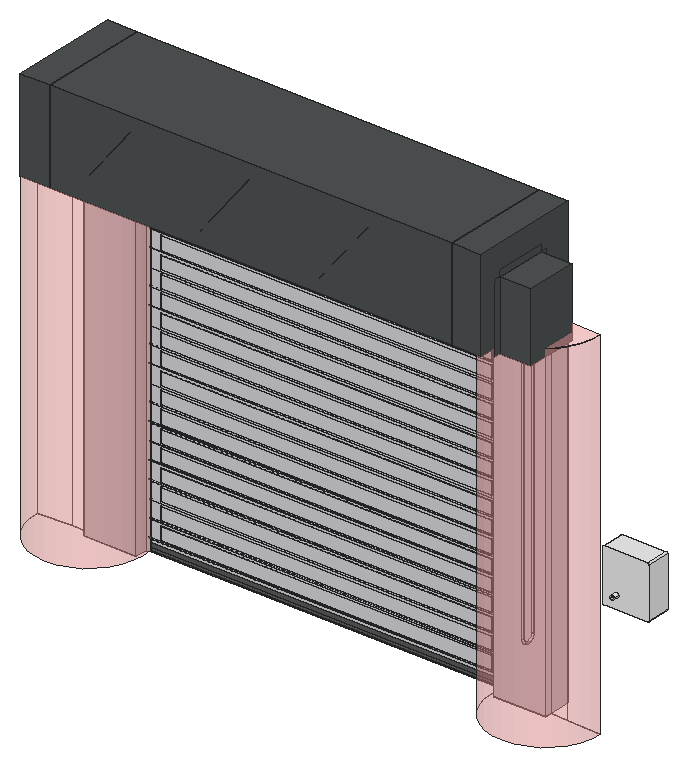
Revit family "Doors_Industrial_Wayne-Dalton_Exterior-Full-View-High-Speed-Metal-Doors-Model-889-ADV-Xtreme_new", category Specialty Equipment, host Wall, Revit 2019
Family settings
  Host = Wall
  Round Connector Dimension = Use Diameter
  Part Type = Normal
  OmniClass Number = 23.30.10.21.34
  OmniClass Title = Industrial Doors
  Always vertical = Yes
  Cut with Voids When Loaded = No
  Shared = No
  Room Calculation Point = No
Parameters (values of type "230 volts, three phase, 60 Hz (208-245V range)")
  True Width [instance] = [Door Width (Real)]  # 10' - 0"
  True Height [instance] = [Door Height (Real)]  # 10' - 0"
  Slat Type [instance] = if(or(Slat Option < 1, Slat Option = 1), "Perforated Aluminum Slats", "Polycarbonate Panels")  # "Perforated Aluminum Slats"
  Slat Option [instance] = 1
  Slat Material = Metal - Wayne Dalton - Silver
  Slat Height = 0' - 5 13/16"  # constant formula
  Real Width [instance] = roundup([Door Width (Real)] / 1' 0")  # 10
  Product Page URL = "https://www.wayne-dalton.com/high-speed-metal-door-889"
  Powder Coat (Note) = "Approximately 200 optional RAL powder coat colors are also available."  # constant formula
  Number of Slats [instance] = roundup(([Door Height (Real)] - [Bottom Rail (Width)]) / Slat Height)  # 20
  Motor Cover [instance] = yes
  Lookup Table = "Door Limits"  # constant formula
  Hood Option [instance] = yes
  Hood Material = Metal - Wayne Dalton - Black
  Headroom Height [instance] = if(or(Header Option < 1, Header Option = 1), 2' 8", 3' 2")  # 2' - 8"
  Header Type [instance] = if(or(Header Option < 1, Header Option = 1), "Standard Header", "Large Header")  # "Standard Header"
  Header Option [instance] = if(or(True Height < 15' 0", True Height = 15' 0"), 1, 2)  # 1
  Guide Type [instance] = if(or(Guide Option < 1, Guide Option = 1), "Wide Guide - Non-Insulated", "Slim Guide - Non-Insulated")  # "Wide Guide - Non-Insulated"
  Guide Option [instance] = 1
  External Transformer = no
  Door Width (Real) [instance] = if(Door Width > Max Door Width, Max Door Width, if(Door Width < Min Door Width, Min Door Width, Door Width))  # 10' - 0"
  Door Height (Real) [instance] = if(Door Height > Max Door Height, Max Door Height, if(Door Height < Min Door Height, Min Door Height, Door Height))  # 10' - 0"
  Rough Width [instance] = [Door Width (Real)]  # 10' - 0"
  Rough Height [instance] = [Door Height (Real)] - 0' 1 1/4"  # 9' - 10 3/4"
  Opening Width [instance] = Rough Width  # 10' - 0"
  Opening Height [instance] = Rough Height  # 9' - 10 3/4"
  Voltage = 230 V
  URL = "https://www.wayne-dalton.com/"
  Product data url = "https://www.bimobject.com/wayne-dalton/product/high-speed-metal-door-889-ADV-Xtreme"
  Product Guid = "318edc16-91be-4919-865a-1b1574896b62"
  Power Factor = 1
  Number of Poles = 3
  Model = "889"  # constant formula
  Min Door Width [instance] = 4' - 0"  # constant formula
  Min Door Height [instance] = 2' - 0"  # constant formula
  Max Door Width [instance] = 20' - 0"  # constant formula
  Max Door Height [instance] = if(and(Slat Option > 1, Guide Option < 2), size_lookup(Lookup Table, "A", 21' 0", Real Width), if(and(Slat Option > 1, Guide Option > 1), size_lookup(Lookup Table, "B", 21' 0", Real Width), if(and(Slat Option < 2, Guide Option < 2), size_lookup(Lookup Table, "C", 21' 0", Real Width), size_lookup(Lookup Table, "D", 21' 0", Real Width))))  # 21' - 0"
  Manufacturer = "Wayne Dalton"  # constant formula
  Frequency = 60 Hz  # constant formula
  Wall Closure = By host
  Floor To (CL) of Shaft [instance] = if(or(Header Option < 1, Header Option = 1), Opening Height + 1' 4", Opening Height + 1' 7 161/256")  # 11' - 2 3/4"
  Dimensions Limit (Note) [instance] = "Maximum Height dependant on Width input, see specifications for further detail"  # constant formula
  Connector Description = "Rapidflex Large Control Panel"  # constant formula
  Finish Material = Metal - Wayne Dalton - Silver
  Door Width [instance] = 10' - 0"
  Door Height [instance] = 10' - 0"
  Description = "High speed metal doors with visibility and durability, Model 889 ADV-Xtreme is ideal for applications where aesthetics and visibility are a priority. Constructed with a fully assembled curtain, this door is easy to install and maintain.‬‬‬ Model 889 ADV-Xtreme also features a patent-pending helical-designed steel headplate that helps prevent metal curtain contact and provides smooth operation. A patent-pending curtain monitoring device ensures the door has a redundant system to monitor the position of the door."  # constant formula
  Current = 20 A
  Clearance [instance] = yes
  Center Stiles [instance] = if(or(True Width < 12' 6", True Width = 12' 6"), 1 = 2, 1 = 1)  # no
  Bottom Rail (Width) = 0' - 9 3/8"  # constant formula
  Backroom Depth [instance] = if(or(Header Option < 1, Header Option = 1), 3' 0 1/2", 3' 6 1/2")  # 3' - 0 1/2"
  Apparent Load Phase 3 = if(Number of Poles = 1, 0 VA, (Voltage * Current * sqrt(3)) / 3)  # 2655.81 VA
  Apparent Load Phase 2 = if(Number of Poles = 1, 0 VA, (Voltage * Current * sqrt(3)) / 3)  # 2655.81 VA
  Apparent Load Phase 1 = if(Number of Poles = 1, Voltage * Current, (Voltage * Current * sqrt(3)) / 3)  # 2655.81 VA
  Actual Number of Slats [instance] = roundup(([Door Height (Real)] - [Bottom Rail (Width)]) / Slat Height + 1)  # 21
Reference planes (in)
  plane 1 "Center (Front/Back)": y = 0
  plane 2 "Center (Left/Right)": x = 0
  plane 3 "Left": x = -60
  plane 4 "Right": x = 60
  plane 5 "Top": z = 120
  plane 6 "Exterior": y = 3
  plane 7 "Interior": y = -3
  plane 8: x = 60
  plane 9: x = -60
  plane 10: z = 118.75
  plane 11: z = 150.75
  plane 12 "Main": y = -7.11719
  plane 13: y = -39.5
  plane 14 "Bottom Rail": z = 9.375
  plane 15 "Main Door Block": y = -3
  plane 16: z = 47.47
  plane 17: z = 2.5
  plane 18: y = -7.61719
  plane 19: y = -6.61719
  plane 20 "1st Bottom Slat": z = 2.5
  plane 21: z = 79.125
  plane 22: z = 15.1875
  plane 23: z = 3.5625
  plane 24: x = -20
  plane 25: x = 20
  plane 26: x = -60
  plane 27: x = 60
Forms (in)
  Extrusion 1, solid, material "Plastic - Wayne Dalton - Nylon"
    sketch origin (0, 0, 0) x (0, 1, 0) y (0, 0, 1)
      loop
        line (-7.61719, 2.5) -> (-7.61719, 1.064) -> (-7.73131, 0.25198) -> (-7.93536, 0) -> (-6.29902, 0) -> (-6.50307, 0.25198) -> (-6.61719, 1.064) -> (-6.61719, 2.5) -> (-7.61719, 2.5)
    from -60 to 60
  Extrusion 2, solid, material "Metal - Wayne Dalton - Clear", visible <- "Center Stiles"
    sketch origin (0, -7.11719, 0) x (0, 0, -1) y (-1, 0, 0)
      loop
        line (-2.5, 21) -> (-120, 21) -> (-120, 19) -> (-2.5, 19) -> (-2.5, 21)
      loop
        line (-2.5, -19) -> (-120, -19) -> (-120, -21) -> (-2.5, -21) -> (-2.5, -19)
    from -0.692 to 0.68698
Lines and regions (in)
  Opening 1
    outline origin (-90, -3, 0) x (1, 0, 0) y (0, 0, 1)
      loop
        line (30, 0) -> (150, 0) -> (150, 118.75) -> (30, 118.75) -> (30, 0)
Text (in)
  text "Exterior" at (-74.96733, 27.31104, 0), in view "Ref. Level"
  text "Interior" at (-74.96733, -25.14366, 0), in view "Ref. Level"
  text "Exterior" at (0, 40.15149, 123.01588), in view "Right"
  text "Interior" at (0, -64.39139, 123.01588), in view "Right"
  text "Interior" at (0, -31.01599, 123.00693), in view "Left"
  text "Exterior" at (0, 54.57065, 123.00693), in view "Left"
Dimensions and locks (in)
  equal spacing: plane 3 "Left", plane 2 "Center (Left/Right)", plane 4 "Right"
  "Door Height (Real)": level to plane 5 "Top"
  "Door Width (Real)": plane 3 "Left" to plane 4 "Right"
  host wall to plane 5 "Top" = 10' - 0"
  level to host wall = 38' - 3.59655"
  "Rough Height": level to plane 10
  equal spacing: plane 9, plane 2 "Center (Left/Right)", plane 8
  "Rough Width": plane 8 to plane 9
  "Headroom Height": plane 10 to plane 11
  "Backroom Depth": plane 7 "Interior" to plane 13
  "Bottom Rail (Width)": plane 14 "Bottom Rail" to level
  plane 10 to level = 9' - 10 3/4"
  locked: plane 15 "Main Door Block" to plane 12 "Main" at 4.11719
  plane 1 "Center (Front/Back)" to plane 7 "Interior" = 0' - 3"
  equal spacing: plane 18, plane 12 "Main", plane 19
  locked: plane 18 to plane 19 at 1
  locked: Extrusion 1 sketch curve to Extrusion 1 sketch curve at 0.82  (x2)
  locked: plane 17 to Extrusion 1 sketch curve at 1.436  (x2)
  locked: plane 20 "1st Bottom Slat" to level at 2.5
  "Slat Height": plane 22 to plane 14 "Bottom Rail"
  locked: plane 23 to level at 3.5625
  plane 20 "1st Bottom Slat" to plane 23 = 0' - 1 1/16"
  equal spacing: group 1, group 2, group 3, group 4, group 5, group 6, group 7, group 8, group 9, group 10, group 11, group 12, group 13, group 14, group 15, group 16, group 17, group 18, group 19, group 20  (x3)
  locked: Extrusion 2 sketch curve to Extrusion 2 sketch curve at 2  (x2)
  equal spacing: Extrusion 2 sketch curve, plane 24, Extrusion 2 sketch curve
  equal spacing: Extrusion 2 sketch curve, plane 25, Extrusion 2 sketch curve
  equal spacing: plane 26, plane 24, plane 25, plane 27
  locked: Extrusion 1 sketch curve to Extrusion 1 sketch curve (angle 172.00°)  (x2)
  locked: Extrusion 1 sketch curve to Extrusion 1 sketch curve (angle 149.00°)  (x2)
  aligned and locked: Opening 1 sketch curve to level
  aligned and locked: plane 6 "Exterior" to host wall
  aligned and locked: host wall to plane 7 "Interior"
  aligned and locked: plane 9 to Opening 1 sketch curve
  aligned and locked: plane 8 to Opening 1 sketch curve
  aligned and locked: Opening 1 sketch curve to plane 10
  aligned and locked: Extrusion 1 to plane 4 "Right"
  aligned and locked: plane 3 "Left" to Extrusion 1
  aligned and locked: nested 1 to plane 7 "Interior"
  aligned and locked: nested 1 to plane 2 "Center (Left/Right)"
  aligned and locked: level to nested 1
  aligned and locked: plane 15 "Main Door Block" to plane 7 "Interior"
  aligned and locked: plane 17 to Extrusion 1 sketch curve
  aligned and locked: plane 18 to Extrusion 1 sketch curve
  aligned and locked: plane 19 to Extrusion 1 sketch curve
  aligned and locked: Extrusion 1 sketch curve to level
  aligned and locked: plane 12 "Main" to nested 2
  aligned and locked: nested 3 to plane 23
  aligned and locked: nested 3 to plane 12 "Main"
  aligned and locked: nested 2 to plane 14 "Bottom Rail"
  aligned and locked: nested 4 to plane 22
  aligned and locked: plane 5 "Top" to Extrusion 2 sketch curve
  aligned and locked: plane 20 "1st Bottom Slat" to Extrusion 2 sketch curve
  aligned and locked: plane 26 to plane 9
  aligned and locked: plane 27 to plane 8
  aligned and locked: plane 12 "Main" to nested 22
Automatic sketch dimensions
  Extrusion 2 sketch curve to plane 5 "Top" = 0' - 0"
  Extrusion 2 sketch curve to plane 20 "1st Bottom Slat" = 0' - 0"
Nested families (in)
  nested 1: "Lifts" at (0, -3, 0) x (-1, 0, 0) z (0, 0, 1), Header Option <- "Header Option", Guid Option <- "Guide Option", Header Height <- "Headroom Height", Header Width <- "Backroom Depth", Motor Cover <- "Motor Cover", type "Frame Unit"
    with Spool Radius 1' - 2", Right Motor Position yes, Motor Cover Off no, Motor Cover yes, Masking Region Right Motor no, Header Width 3' - 0 1/2", Header Option 1, Header Height 2' - 8", Guid Width 1' - 5 1/4", Guid Option 1, Floor To (CL) of Shaft 11' - 2 3/4", Electric Operator Position 17' - 1 1/2", Clearance (Wide Guid) yes, Clearance (Slim Guid) no, CL Shaft Offset 1' - 0"
  nested 2: "Slat" at (0, -7.11719, 15.1875) x (1, 0, 0) z (0, 0, -1), Slat Option <- "Slat Option", type "Slat"
    with Standard Slat Bottom Rail no, Standard Slat no, Slat Option 1, Polycarbonate Slat Bottom Rail no, Polycarbonate Slat no, Perforated Slat Bottom Rail no, Perforated Slat yes, Bottom Rail no
  nested 3: "Slat" at (0, -7.11719, 3.5625), Slat Option <- "Slat Option", type "Slat"
    with Standard Slat Bottom Rail no, Standard Slat no, Slat Option 1, Polycarbonate Slat Bottom Rail no, Polycarbonate Slat no, Perforated Slat Bottom Rail yes, Perforated Slat yes, Bottom Rail yes
  nested 4: "Slat" at (0, -7.11719, 21) x (1, 0, 0) z (0, 0, -1), Slat Option <- "Slat Option", type "Slat"
    with Standard Slat Bottom Rail no, Standard Slat no, Slat Option 1, Polycarbonate Slat Bottom Rail no, Polycarbonate Slat no, Perforated Slat Bottom Rail no, Perforated Slat yes, Bottom Rail no
  nested 5: "Slat" at (0, -7.11719, 26.8125) x (1, 0, 0) z (0, 0, -1), Slat Option <- "Slat Option", type "Slat"
    with Standard Slat Bottom Rail no, Standard Slat no, Slat Option 1, Polycarbonate Slat Bottom Rail no, Polycarbonate Slat no, Perforated Slat Bottom Rail no, Perforated Slat yes, Bottom Rail no
  nested 6: "Slat" at (0, -7.11719, 32.625) x (1, 0, 0) z (0, 0, -1), Slat Option <- "Slat Option", type "Slat"
    with Standard Slat Bottom Rail no, Standard Slat no, Slat Option 1, Polycarbonate Slat Bottom Rail no, Polycarbonate Slat no, Perforated Slat Bottom Rail no, Perforated Slat yes, Bottom Rail no
  nested 7: "Slat" at (0, -7.11719, 38.4375) x (1, 0, 0) z (0, 0, -1), Slat Option <- "Slat Option", type "Slat"
    with Standard Slat Bottom Rail no, Standard Slat no, Slat Option 1, Polycarbonate Slat Bottom Rail no, Polycarbonate Slat no, Perforated Slat Bottom Rail no, Perforated Slat yes, Bottom Rail no
  nested 8: "Slat" at (0, -7.11719, 44.25) x (1, 0, 0) z (0, 0, -1), Slat Option <- "Slat Option", type "Slat"
    with Standard Slat Bottom Rail no, Standard Slat no, Slat Option 1, Polycarbonate Slat Bottom Rail no, Polycarbonate Slat no, Perforated Slat Bottom Rail no, Perforated Slat yes, Bottom Rail no
  nested 9: "Slat" at (0, -7.11719, 50.0625) x (1, 0, 0) z (0, 0, -1), Slat Option <- "Slat Option", type "Slat"
    with Standard Slat Bottom Rail no, Standard Slat no, Slat Option 1, Polycarbonate Slat Bottom Rail no, Polycarbonate Slat no, Perforated Slat Bottom Rail no, Perforated Slat yes, Bottom Rail no
  nested 10: "Slat" at (0, -7.11719, 55.875) x (1, 0, 0) z (0, 0, -1), Slat Option <- "Slat Option", type "Slat"
    with Standard Slat Bottom Rail no, Standard Slat no, Slat Option 1, Polycarbonate Slat Bottom Rail no, Polycarbonate Slat no, Perforated Slat Bottom Rail no, Perforated Slat yes, Bottom Rail no
  nested 11: "Slat" at (0, -7.11719, 61.6875) x (1, 0, 0) z (0, 0, -1), Slat Option <- "Slat Option", type "Slat"
    with Standard Slat Bottom Rail no, Standard Slat no, Slat Option 1, Polycarbonate Slat Bottom Rail no, Polycarbonate Slat no, Perforated Slat Bottom Rail no, Perforated Slat yes, Bottom Rail no
  nested 12: "Slat" at (0, -7.11719, 67.5) x (1, 0, 0) z (0, 0, -1), Slat Option <- "Slat Option", type "Slat"
    with Standard Slat Bottom Rail no, Standard Slat no, Slat Option 1, Polycarbonate Slat Bottom Rail no, Polycarbonate Slat no, Perforated Slat Bottom Rail no, Perforated Slat yes, Bottom Rail no
  nested 13: "Slat" at (0, -7.11719, 73.3125) x (1, 0, 0) z (0, 0, -1), Slat Option <- "Slat Option", type "Slat"
    with Standard Slat Bottom Rail no, Standard Slat no, Slat Option 1, Polycarbonate Slat Bottom Rail no, Polycarbonate Slat no, Perforated Slat Bottom Rail no, Perforated Slat yes, Bottom Rail no
  nested 14: "Slat" at (0, -7.11719, 79.125) x (1, 0, 0) z (0, 0, -1), Slat Option <- "Slat Option", type "Slat"
    with Standard Slat Bottom Rail no, Standard Slat no, Slat Option 1, Polycarbonate Slat Bottom Rail no, Polycarbonate Slat no, Perforated Slat Bottom Rail no, Perforated Slat yes, Bottom Rail no
  nested 15: "Slat" at (0, -7.11719, 84.9375) x (1, 0, 0) z (0, 0, -1), Slat Option <- "Slat Option", type "Slat"
    with Standard Slat Bottom Rail no, Standard Slat no, Slat Option 1, Polycarbonate Slat Bottom Rail no, Polycarbonate Slat no, Perforated Slat Bottom Rail no, Perforated Slat yes, Bottom Rail no
  nested 16: "Slat" at (0, -7.11719, 90.75) x (1, 0, 0) z (0, 0, -1), Slat Option <- "Slat Option", type "Slat"
    with Standard Slat Bottom Rail no, Standard Slat no, Slat Option 1, Polycarbonate Slat Bottom Rail no, Polycarbonate Slat no, Perforated Slat Bottom Rail no, Perforated Slat yes, Bottom Rail no
  nested 17: "Slat" at (0, -7.11719, 96.5625) x (1, 0, 0) z (0, 0, -1), Slat Option <- "Slat Option", type "Slat"
    with Standard Slat Bottom Rail no, Standard Slat no, Slat Option 1, Polycarbonate Slat Bottom Rail no, Polycarbonate Slat no, Perforated Slat Bottom Rail no, Perforated Slat yes, Bottom Rail no
  nested 18: "Slat" at (0, -7.11719, 102.375) x (1, 0, 0) z (0, 0, -1), Slat Option <- "Slat Option", type "Slat"
    with Standard Slat Bottom Rail no, Standard Slat no, Slat Option 1, Polycarbonate Slat Bottom Rail no, Polycarbonate Slat no, Perforated Slat Bottom Rail no, Perforated Slat yes, Bottom Rail no
  nested 19: "Slat" at (0, -7.11719, 108.1875) x (1, 0, 0) z (0, 0, -1), Slat Option <- "Slat Option", type "Slat"
    with Standard Slat Bottom Rail no, Standard Slat no, Slat Option 1, Polycarbonate Slat Bottom Rail no, Polycarbonate Slat no, Perforated Slat Bottom Rail no, Perforated Slat yes, Bottom Rail no
  nested 20: "Slat" at (0, -7.11719, 114) x (1, 0, 0) z (0, 0, -1), Slat Option <- "Slat Option", type "Slat"
    with Standard Slat Bottom Rail no, Standard Slat no, Slat Option 1, Polycarbonate Slat Bottom Rail no, Polycarbonate Slat no, Perforated Slat Bottom Rail no, Perforated Slat yes, Bottom Rail no
  nested 21: "Slat" at (0, -7.11719, 119.8125) x (1, 0, 0) z (0, 0, -1), Slat Option <- "Slat Option", type "Slat"
    with Standard Slat Bottom Rail no, Standard Slat no, Slat Option 1, Polycarbonate Slat Bottom Rail no, Polycarbonate Slat no, Perforated Slat Bottom Rail no, Perforated Slat yes, Bottom Rail no
  nested 22: "Slat" at (0, -7.11719, 125.625) x (1, 0, 0) z (0, 0, -1), Slat Option <- "Slat Option", type "Slat"
    with Standard Slat Bottom Rail no, Standard Slat no, Slat Option 1, Polycarbonate Slat Bottom Rail no, Polycarbonate Slat no, Perforated Slat Bottom Rail no, Perforated Slat yes, Bottom Rail no
Connectors (in)
  electrical at (102.74935, -10.54, 48), driven by "Number of Poles", driven by "Voltage", driven by "Power Factor", driven by "Connector Description", driven by "Apparent Load Phase 1", driven by "Apparent Load Phase 2", driven by "Apparent Load Phase 3"
    settings: on nested 1, index 1, voltage 230 V, apparent load 0 VA, apparent load phase1 2655.81 VA, apparent load phase2 2655.81 VA, apparent load phase3 2655.81 VA, power factor 1, load classification "Other", number of poles 3, system type 31, power factor state 1, is connector primary yes, connector utility no, sub classification motor no, connector description "Rapidflex Large Control Panel"
Definition of nested family "Lifts"
  Parameters (values of type "Frame Unit")
    Spool Radius [instance] = if(or(Header Option < 1, Header Option = 1), 1' 2", 1' 5.7")  # 1' - 5.7"
    Shaft Material = none
    Right Motor Position [instance] = yes
    Opening Width = 10' - 0"
    Naked Header = not(Hood Option)  # no
    Motor Cover Off [instance] = not(Motor Cover)  # no
    Motor Cover [instance] = yes
    Masking Region Right Motor [instance] = if(and(Right Motor Position, Motor Cover Off), 1 = 1, 1 = 2)  # no
    Hood Option = yes
    Hood Material = none
    Header Width [instance] = 3' - 6 1/2"
    Header Option [instance] = 2
    Header Height [instance] = 3' - 2"
    Guid Width [instance] = if(Guid Option > 1, 1' 0.63", 1' 5 1/4")  # 1' - 5 1/4"
    Guid Option [instance] = 1
    External Transformer = no
    Electric Operator Position [instance] = if(Right Motor Position, (3' 6 3/4" * 2 + Opening Width), 0' 0")  # 17' - 1 1/2"
    Clearance (Wide Guid) [instance] = if(and(Clearance, Guid Option < 2), 1 < 2, 1 > 2)  # yes
    Clearance (Slim Guid) [instance] = if(and(Clearance, Guid Option > 1), 1 < 2, 1 > 2)  # no
    Clearance = yes
    Opening Height = 9' - 10 3/4"
    Floor To (CL) of Shaft [instance] = if(or(Header Option < 1, Header Option = 1), Opening Height + 1' 4", Opening Height + 1' 7.63")  # 11' - 6.38"
    Finish Material = none
    CL Shaft Offset [instance] = if(or(Header Option < 1, Header Option = 1), 1' 0", 1' 4.53")  # 1' - 4.53"
    Analytic Construction = "<None>"
  Reference planes (in)
    plane 1 "Center (Front/Back)": y = 0
    plane 2: z = 0
    plane 3 "Center (Left/Right)": x = 0
    plane 4 "Left": x = -60
    plane 5 "Right": x = 60
    plane 6 "Center Line of Shaft": z = 138.38
    plane 7 "Headroom Top": z = 156.75
    plane 8 "Opening Height": z = 118.75
    plane 9: x = -87.5
    plane 10 "Shaft": x = -75.54413
    plane 11 "Box": x = -102.74935
    plane 12 "EBOX": z = 48
    plane 13: z = 39.09375
    plane 14: z = 56.90625
    plane 15: z = 43.5
    plane 16: y = 16.53
    plane 17: y = 7.54
    plane 18: x = 72.81
    plane 19: y = 2.73
    plane 20: y = 5.5094
    plane 21: y = 7.25
    plane 22: z = 120
    plane 23: x = -72.81
    plane 24: x = -40
    plane 25: x = -20
    plane 26: x = 0
    plane 27: z = 122.5
    plane 28: z = 154.25
    plane 29: x = 20
    plane 30: x = 40
    plane 31: y = 42.5
    plane 32: x = 87.5
    plane 33: y = 7.28
    plane 34: x = -77.68
    plane 35: x = 77.68
    plane 36: x = 77.25
    plane 37: x = -77.25
    plane 38: x = -94.99935
    plane 39: x = -110.49935
    plane 40 "Center L/MM": x = 75.54413
    plane 41 "Center L/NN": x = 102.75065
  Forms (in)
    Extrusion 1, solid, material <- "Shaft Material"
      sketch origin (0, 0, 0) x (0, 1, 0) y (0, 0, 1)
        loop
          circle (21.25, 138.38) r 0.78
      from -87.5 to 87.5
    Extrusion 2, solid, material <- "Hood Material"
      sketch origin (60, 0, 0) x (0, -1, 0) y (0, 0, 1)
        loop
          circle (-21.25, 138.38) r 17.7
      from -6.97 to -16.504
    Extrusion 3, solid, material <- "Shaft Material"
      sketch origin (0, 0, 138.38) x (-1, 0, 0) y (0, -1, 0)
        loop
          line (-76.504, -16.61) -> (-76.745, -16.61) -> (-76.745, -23.86) -> (-76.504, -23.86) -> (-76.504, -16.61)
        loop
          line (76.504, -16.61) -> (76.504, -23.86) -> (76.745, -23.86) -> (76.745, -16.61) -> (76.504, -16.61)
      from 5.62 to -3
    Extrusion 4, solid
      sketch origin (-1.95651, 0, 0) x (1, 0, 0) y (0, 0, 1)
        loop
          line (-93.54284, 56.90625) -> (-108.04284, 56.90625)
          arc (-108.04284, 56.90625) -> (-108.39639, 56.7598) -> (-108.54284, 56.40625) r 0.5
          line (-108.54284, 56.40625) -> (-108.54284, 39.59375)
          arc (-108.54284, 39.59375) -> (-108.39639, 39.2402) -> (-108.04284, 39.09375) r 0.5
          line (-108.04284, 39.09375) -> (-93.54284, 39.09375)
          arc (-93.54284, 39.09375) -> (-93.18929, 39.2402) -> (-93.04284, 39.59375) r 0.5
          line (-93.04284, 39.59375) -> (-93.04284, 56.40625)
          arc (-93.04284, 56.40625) -> (-93.18929, 56.7598) -> (-93.54284, 56.90625) r 0.5
      from -7.54 to 0
    Revolve 5, solid, visible <- "Right Motor Position"
      sketch origin (-55.03203, -180, 43.5) x (-1, 0, 0) y (0, -1, 0)
        loop
          line (44.35732, -187.54) -> (43.60732, -187.54) -> (43.75732, -189.312) -> (44.35732, -189.312) -> (44.35732, -187.54)
        axis (44.35732, -187.54) -> (44.35732, -189.312)
      angle from 0 to 360
    Extrusion 6, solid, material <- "Finish Material"
      sketch origin (0, 0, 0) x (1, 0, 0) y (0, 1, 0)
        loop
          line (60, 0) -> (77.25, 0) -> (77.25, 9.5) -> (60, 9.5) -> (60, 5.5094) -> (59, 4.80919) -> (59, 3.43021) -> (60, 2.73) -> (60, 0)
        loop
          line (-77.25, 0) -> (-60, 0) -> (-60, 2.73) -> (-59, 3.43021) -> (-59, 4.80919) -> (-60, 5.5094) -> (-60, 9.5) -> (-77.25, 9.5) -> (-77.25, 0)
      from 0 to 120
    Extrusion 7, solid, visible <- "Clearance (Slim Guid)"
      sketch origin (0, 0, 0) x (1, 0, 0) y (0, 1, 0)
        loop
          line (59.00502, 4.81271) -> (60, 5.5094) -> (60, 9.5) -> (72.625, 9.5) -> (72.625, 7.25) -> (72.86879, 7.25) -> (85.75065, 7.92511)
          arc (85.75065, 7.92511) -> (70.70003, 20.78662) -> (59.00502, 4.81271) r 13.50118
        loop
          arc (-59.00502, 4.81271) -> (-70.69873, 20.79785) -> (-85.75065, 7.92511) r 13.50197
          line (-85.75065, 7.92511) -> (-72.86879, 7.25) -> (-72.625, 7.25) -> (-72.625, 9.5) -> (-60, 9.5) -> (-60, 5.5094) -> (-59.00502, 4.81271)
      from 0 to 120
    Extrusion 8, solid, material <- "Hood Material", visible <- "Hood Option"
      sketch origin (0, 0, 0) x (0, 1, 0) y (0, 0, 1)
        loop
          line (0, 120) -> (42.5, 120) -> (42.5, 156.75) -> (0, 156.75) -> (0, 120)
      from -67.475 to 67.475
    Sweep 9, solid, material <- "Hood Material"
      path origin (0, 0, 0) x (0, 1, 0) y (0, 0, 1)
        loop
          line (0, 120) -> (42.5, 120) -> (42.5, 156.75) -> (0, 156.75) -> (0, 120)
      profile origin (0, 0, 138.375) x (0, -1, 0) y (1, 0, 0)
        loop
          line (0, 67.475) -> (0, 77.25) -> (-0.5, 77.25) -> (-0.5, 67.475) -> (0, 67.475)
        loop
          line (0, -67.475) -> (-0.5, -67.475) -> (-0.5, -77.25) -> (0, -77.25) -> (0, -67.475)
    Extrusion 10, solid, material <- "Hood Material"
      sketch origin (0, 0, 0) x (1, 0, 0) y (0, 1, 0)
        loop
          line (77.25, 0) -> (77.25, 42.5) -> (76.745, 42.5) -> (76.745, 0) -> (77.25, 0)
        loop
          line (-77.25, 0) -> (-76.745, 0) -> (-76.745, 42.5) -> (-77.25, 42.5) -> (-77.25, 0)
      from 120 to 156.75
    Extrusion 11, solid, material <- "Hood Material"
      sketch origin (0, 0, 0) x (0, 1, 0) y (0, 0, 1)
        loop
          line (0.5, 120.5) -> (2.5, 120.5) -> (2.5, 124.5) -> (0.5, 124.5) -> (0.5, 120.5)
        loop
          line (0.5, 156.25) -> (0.5, 152.25) -> (2.5, 152.25) -> (2.5, 156.25) -> (0.5, 156.25)
        loop
          line (42, 156.25) -> (40, 156.25) -> (40, 152.25) -> (42, 152.25) -> (42, 156.25)
        loop
          line (42, 120.5) -> (42, 124.5) -> (40, 124.5) -> (40, 120.5) -> (42, 120.5)
      from -76.745 to 76.745
    Sweep 12, solid, material <- "Hood Material"
      path origin (0, 0, 0) x (1, 0, 0) y (0, 0, 1)
        loop
          line (-60, 121.5) -> (-60, 122.5) -> (-40, 154.25) -> (-20, 122.5) -> (0, 154.25) -> (20, 122.5) -> (40, 154.25) -> (60, 122.5) -> (60, 121.5)
      profile origin (-60, 0, 122) x (-1, 0, 0) y (0, -1, 0)
        loop
          line (1, -0.5) -> (-1, -0.5) -> (-1, -2.5) -> (1, -2.5) -> (1, -0.5)
        loop
          line (1, -40) -> (-1, -40) -> (-1, -42) -> (1, -42) -> (1, -40)
    Extrusion 13, void
      sketch origin (0, 0, 0) x (1, 0, 0) y (0, 0, 1)
        loop
          line (-78.35432, 152.25) -> (80.245, 152.25) -> (80.245, 186.25) -> (-78.35432, 186.25) -> (-78.35432, 152.25)
        loop
          line (80.245, 105.5) -> (80.245, 124.5) -> (-78.35432, 124.5) -> (-78.35432, 105.5) -> (80.245, 105.5)
      from 0 to -42.5
    Extrusion 14, solid, visible <- "Clearance (Wide Guid)"
      sketch origin (0, 0.03, 0) x (1, 0, 0) y (0, 1, 0)
        loop
          arc (-59, 4.77919) -> (-74.94522, 26.56962) -> (-94.4, 7.84572) r 17.92829
          line (-94.4, 7.84572) -> (-83.03307, 7.25) -> (-77.495, 7.25) -> (-77.495, 9.5) -> (-60, 9.5) -> (-60, 5.4794) -> (-59, 4.77919)
        loop
          line (59, 4.77919) -> (60, 5.4794) -> (60, 9.5) -> (77.495, 9.5) -> (77.495, 7.25) -> (83.03307, 7.25) -> (94.4, 7.84572)
          arc (94.4, 7.84572) -> (74.94522, 26.56962) -> (59, 4.77919) r 17.92829
      from 0 to 120
    Extrusion 15, solid, material <- "Hood Material"
      sketch origin (-60, -60, 48) x (0, -1, 0) y (0, 0, 1)
        loop
          circle (-81.25, 90.38) r 17.7
      from 6.97 to 16.504
    Extrusion 16, solid, visible <- "External Transformer"
      sketch origin (0, 0, 48) x (1, 0, 0) y (0, 1, 0)
        loop
          line (-109.62435, 0) -> (-95.87435, 0) -> (-95.87435, 0.125) -> (-98.24935, 0.125) -> (-98.24935, 9.3125) -> (-107.24935, 9.3125) -> (-107.24935, 0.125) -> (-109.62435, 0.125) -> (-109.62435, 0)
      from -19.13 to -10
  Cuts and joins
    joined: Sweep 9, Extrusion 10
    Extrusion 13 cuts Sweep 12
  Lines and regions (in)
    Masking region 1
      outline origin (0, 0, 0) x (1, 0, 0) y (0, 1, 0)
        loop
          line (-110.49935, 0) -> (-94.99935, 0) -> (-94.99935, 7.54) -> (-110.49935, 7.54) -> (-110.49935, 0)
    Masking region 2, visible <- "Right Motor Position"
      outline origin (0, 0, 0) x (1, 0, 0) y (0, 1, 0)
        loop
          line (-98.63935, 7.54) -> (-98.78935, 9.312) -> (-99.98935, 9.312) -> (-100.13935, 7.54) -> (-98.63935, 7.54)
    Masking region 3, visible <- "Naked Header"
      outline origin (0, 0, 0) x (1, 0, 0) y (0, 1, 0)
        loop
          line (-77.25, 42.5) -> (-77.25, 0) -> (-67.475, 0) -> (-67.475, 3.55) -> (-66.97, 3.55) -> (-66.97, 38.95) -> (-67.475, 38.95) -> (-67.475, 42.5) -> (-77.25, 42.5)
        loop
          line (67.475, 42.5) -> (67.475, 38.95) -> (66.97, 38.95) -> (66.97, 3.55) -> (67.475, 3.55) -> (67.475, 0) -> (77.25, 0) -> (77.25, 42.5) -> (67.475, 42.5)
    Masking region 4, visible <- "Naked Header"
      outline origin (0, 0, 0) x (1, 0, 0) y (0, 1, 0)
        loop
          line (67.475, 2.5) -> (-67.475, 2.5) -> (-67.475, 0.5) -> (67.475, 0.5) -> (67.475, 2.5)
        loop
          line (-66.97, 22.03) -> (-66.97, 20.47) -> (66.97, 20.47) -> (66.97, 22.03) -> (-66.97, 22.03)
        loop
          line (-67.475, 40) -> (67.475, 40) -> (67.475, 42) -> (-67.475, 42) -> (-67.475, 40)
    Masking region 5, visible <- "Naked Header"
      outline origin (0, 0, 0) x (1, 0, 0) y (0, 1, 0)
        loop
          line (-77.25, 9.5) -> (-77.25, 0) -> (-60, 0) -> (-60, 2.73) -> (-59, 3.43021) -> (-59, 4.80919) -> (-60, 5.5094) -> (-60, 9.5) -> (-77.25, 9.5)
        loop
          line (60, 0) -> (77.25, 0) -> (77.25, 9.5) -> (60, 9.5) -> (60, 5.5094) -> (59, 4.80919) -> (59, 3.43021) -> (60, 2.73) -> (60, 0)
    Masking region 6, visible <- "Hood Option"
      outline origin (0, 0, 0) x (1, 0, 0) y (0, 1, 0)
        loop
          line (77.25, 42.5) -> (-77.25, 42.5) -> (-77.25, 0) -> (77.25, 0) -> (77.25, 42.5)
    Masking region 7, visible <- "Naked Header"
      outline origin (0, 0, 0) x (1, 0, 0) y (0, 1, 0)
        loop
          line (-59.1721, 4.9297) -> (-59, 4.80919) -> (-59, 3.43021) -> (-59.1721, 3.3097) -> (59.1721, 3.3097) -> (59, 3.43021) -> (59, 4.80919) -> (59.1721, 4.9297) -> (-59.1721, 4.9297)
    Masking region 8, visible <- "Masking Region Right Motor"
      outline origin (0, 0, 0) x (1, 0, 0) y (0, 1, 0)
        loop
          line (-77.25, 22.03) -> (-79.18006, 22.03) -> (-79.18006, 21.92998) -> (-80.41413, 21.92998) -> (-80.41413, 22.03) -> (-81.009, 22.03) -> (-81.009, 21.43043) -> (-80.479, 21.43043) -> (-80.479, 20.47) -> (-77.25, 20.47) -> (-77.25, 22.03)
        loop
          line (-87.5, 22.03) -> (-87.5, 20.47) -> (-85.479, 20.47) -> (-85.479, 21.43043) -> (-84.949, 21.43043) -> (-84.949, 22.03) -> (-87.5, 22.03)
    Masking region 9, visible <- "Right Motor Position"
      outline origin (0, 0, 0) x (1, 0, 0) y (0, 1, 0)
        loop
          line (87.5, 22.03) -> (77.25, 22.03) -> (77.25, 20.47) -> (87.5, 20.47) -> (87.5, 22.03)
    Masking region 10, visible <- "External Transformer"
      outline origin (0, 0, 0) x (1, 0, 0) y (0, 1, 0)
        loop
          line (-107.24935, 7.54) -> (-98.24935, 7.54) -> (-98.24935, 9.3125) -> (-107.24935, 9.3125) -> (-107.24935, 7.54)
    symbolic lines
      curve 1: line (-67.475, 42.5, 0) -> (-67.475, 0, 0)
      curve 2: line (67.475, 0, 0) -> (67.475, 42.5, 0)
  Dimensions and locks (in)
    equal spacing: plane 4 "Left", plane 3 "Center (Left/Right)", plane 5 "Right"
    "Opening Width": plane 4 "Left" to plane 5 "Right"
    "Header Height": plane 7 "Headroom Top" to plane 8 "Opening Height"
    "Opening Height": plane 8 "Opening Height" to level
    locked: plane 9 to plane 4 "Left" at 27.5
    locked: Extrusion 3 sketch curve to Extrusion 3 sketch curve at 0.241  (x2)
    locked: level to plane 12 "EBOX" at 48
    locked: plane 11 "Box" to Revolve 5 sketch curve at 3.36
    equal spacing: plane 14, plane 12 "EBOX", plane 13
    locked: plane 12 "EBOX" to plane 15 at 4.5
    locked: plane 13 to plane 14 at 17.8125
    locked: plane 10 "Shaft" to plane 4 "Left" at 15.54413
    locked: plane 16 to Extrusion 1 sketch curve at 4.72
    locked: plane 16 to Extrusion 2 sketch curve at 4.72
    locked: plane 16 to Extrusion 3 sketch curve at 0.08  (x2)
    locked: plane 16 to Extrusion 3 sketch curve at 7.33  (x2)
    locked: plane 17 to plane 1 "Center (Front/Back)" at 7.54
    locked: Revolve 5 sketch curve to Revolve 5 sketch curve at 0.6
    locked: Revolve 5 sketch curve to Revolve 5 sketch curve at 0.75
    locked: plane 17 to Revolve 5 sketch curve at 1.772
    "Guid Width": Extrusion 6 sketch curve to plane 4 "Left"
    "Guid Width": plane 5 "Right" to Extrusion 6 sketch curve
    locked: plane 1 "Center (Front/Back)" to plane 19 at 2.73
    locked: plane 1 "Center (Front/Back)" to plane 20 at 5.5094
    locked: Extrusion 6 sketch curve to plane 5 "Right" at 1
    locked: plane 4 "Left" to Extrusion 6 sketch curve at 1
    locked: plane 1 "Center (Front/Back)" to Extrusion 6 sketch curve at 9.5  (x2)
    locked: plane 21 to Extrusion 7 sketch curve at 2.25  (x2)
    locked: plane 1 "Center (Front/Back)" to plane 21 at 7.25
    "Header Width": plane 1 "Center (Front/Back)" to Extrusion 8 sketch curve
    locked: Extrusion 8 to plane 4 "Left" at 7.475
    locked: plane 5 "Right" to Extrusion 8 at 7.475
    locked: plane 22 to plane 8 "Opening Height" at 1.25
    "Header Width": plane 1 "Center (Front/Back)" to Sweep 9 sketch curve
    locked: plane 5 "Right" to Sweep 9 sketch curve at 7.475
    locked: Sweep 9 sketch curve to profile plane at 0.5
    "Header Width": plane 1 "Center (Front/Back)" to Extrusion 10 sketch curve  (x2)
    locked: Extrusion 7 sketch curve to plane 18 at 0.185
    locked: plane 23 to Extrusion 7 sketch curve at 0.185
    locked: Sweep 12 sketch curve to Sweep 12 sketch curve at 1  (x2)
    equal spacing: plane 4 "Left", plane 24, plane 25, plane 26, plane 29, plane 30, plane 5 "Right"
    locked: profile plane to Sweep 12 sketch curve at 1
    locked: profile plane to Sweep 12 sketch curve at 0.5
    locked: profile plane to Sweep 12 sketch curve at 2.5
    locked: plane 4 "Left" to Sweep 12 sketch curve at 1
    locked: plane 7 "Headroom Top" to plane 28 at 2.5
    equal spacing: Sweep 12 sketch curve, plane 4 "Left", Sweep 12 sketch curve
    equal spacing: Sweep 12 sketch curve, profile plane, Sweep 12 sketch curve
    locked: Masking region 3 sketch curve to Masking region 3 sketch curve at 0.505  (x2)
    locked: Masking region 4 sketch curve to plane 4 "Left" at 6.97
    locked: Masking region 4 sketch curve to plane 4 "Left" at 7.475
    locked: plane 5 "Right" to Masking region 4 sketch curve at 7.475
    locked: plane 27 to plane 8 "Opening Height" at 3.75
    locked: plane 7 "Headroom Top" to Extrusion 13 sketch curve at 4.5
    locked: Extrusion 13 sketch curve to plane 8 "Opening Height" at 5.75
    locked: Extrusion 11 to Extrusion 13 sketch curve at 19
    locked: Extrusion 13 sketch curve to Extrusion 11 at 34
    "Header Width": plane 1 "Center (Front/Back)" to plane 31
    locked: Extrusion 11 sketch curve to plane 31 at 2.5
    locked: Extrusion 11 sketch curve to plane 31 at 0.5
    locked: Sweep 12 sketch curve to plane 31 at 2.5
    locked: plane 31 to Sweep 12 sketch curve at 0.5
    "Floor To (CL) of Shaft": plane 6 "Center Line of Shaft" to level
    "CL Shaft Offset": plane 1 "Center (Front/Back)" to plane 16
    locked: plane 5 "Right" to plane 32 at 27.5
    locked: plane 33 to Extrusion 14 sketch curve at 2.25  (x2)
    locked: plane 1 "Center (Front/Back)" to plane 33 at 7.28  (x2)
    locked: plane 34 to Extrusion 14 sketch curve at 0.185
    locked: plane 4 "Left" to Extrusion 14 sketch curve at 1
    locked: plane 33 to Extrusion 14 sketch curve at 1.45822  (x2)
    locked: plane 34 to Extrusion 14 sketch curve at 1.18753
    locked: plane 35 to Extrusion 14 sketch curve at 0.185
    locked: plane 35 to Extrusion 14 sketch curve at 1.18753
    locked: Extrusion 14 sketch curve to plane 5 "Right" at 1
    locked: Extrusion 14 sketch curve to plane 34 at 5.35307
    locked: plane 35 to Extrusion 14 sketch curve at 5.35307
    locked: plane 18 to Extrusion 7 sketch curve at 12.94065
    locked: Extrusion 7 sketch curve to plane 18 at 13.80498
    locked: Extrusion 7 sketch curve to plane 18 at 0.54936
    locked: plane 21 to Extrusion 7 sketch curve at 0.12594
    locked: plane 21 to Extrusion 7 sketch curve at 0.13638
    locked: plane 23 to Extrusion 7 sketch curve at 0.55057
    locked: Extrusion 7 sketch curve to plane 23 at 12.94065
    locked: plane 5 "Right" to plane 18 at 12.81
    locked: plane 23 to plane 4 "Left" at 12.81
    locked: plane 23 to Extrusion 7 sketch curve at 13.80498
    locked: plane 34 to plane 4 "Left" at 17.68
    locked: plane 5 "Right" to plane 35 at 17.68
    locked: Extrusion 14 sketch curve to plane 34 at 16.72
    locked: plane 35 to Extrusion 14 sketch curve at 16.72
    locked: plane 5 "Right" to Masking region 4 sketch curve at 6.97
    locked: plane 37 to nested 1 at 5.729
    "Guid Width": plane 4 "Left" to plane 37
    "Guid Width": plane 5 "Right" to plane 36
    locked: Extrusion 10 sketch curve to plane 36 at 0.505
    locked: plane 37 to Extrusion 10 sketch curve at 0.505
    locked: Sweep 9 sketch curve to plane 4 "Left" at 7.475
    locked: plane 36 to Extrusion 11 at 0.505
    locked: Extrusion 11 to plane 37 at 0.505
    locked: plane 37 to Extrusion 3 sketch curve at 0.746
    locked: Extrusion 3 sketch curve to plane 36 at 0.746
    locked: Extrusion 2 to plane 36 at 0.746
    locked: plane 37 to Extrusion 15 at 0.746
    locked: plane 11 "Box" to plane 39 at 7.75
    locked: plane 38 to plane 11 "Box" at 7.75
    locked: Masking region 8 sketch curve to Masking region 8 sketch curve at 1.56
    locked: Masking region 8 sketch curve to Masking region 8 sketch curve at 0.10002
    locked: Masking region 8 sketch curve to plane 37 at 1.93006
    locked: Masking region 8 sketch curve to plane 37 at 3.16413
    locked: Masking region 8 sketch curve to plane 37 at 3.229
    locked: Masking region 8 sketch curve to plane 37 at 3.759
    locked: Masking region 8 sketch curve to plane 37 at 7.699
    locked: Masking region 8 sketch curve to plane 37 at 8.229
    locked: Masking region 8 sketch curve to Masking region 8 sketch curve at 0.59957
    locked: Masking region 9 sketch curve to Masking region 9 sketch curve at 1.56
    locked: plane 1 "Center (Front/Back)" to Extrusion 16 sketch curve at 0.125
    locked: plane 11 "Box" to Extrusion 16 sketch curve at 4.5
    locked: Extrusion 16 sketch curve to plane 11 "Box" at 4.5
    locked: Extrusion 16 sketch curve to plane 11 "Box" at 6.875
    locked: plane 11 "Box" to Extrusion 16 sketch curve at 6.875
    plane 1 "Center (Front/Back)" to Extrusion 16 sketch curve = 0' - 9 5/16"
    locked: Masking region 4 sketch curve to Masking region 4 sketch curve at 2  (x2)
    locked: Masking region 4 sketch curve to Masking region 4 sketch curve at 1.56
    locked: plane 40 "Center L/MM" to plane 5 "Right" at 15.54413
    locked: plane 40 "Center L/MM" to plane 41 "Center L/NN" at 27.20651
    equal spacing: Masking region 1 sketch curve, plane 11 "Box", Masking region 1 sketch curve
    locked: Masking region 1 sketch curve to Masking region 1 sketch curve at 15.5
    "Electric Operator Position": plane 41 "Center L/NN" to plane 11 "Box"
    locked: Extrusion 1 sketch curve to Extrusion 1 sketch curve (radius 0' - 0.78")
    "Spool Radius": radius of Extrusion 2 sketch curve
    locked: Extrusion 14 sketch curve to Extrusion 14 sketch curve (radius 1' - 5.92829")  (x2)
    locked: Extrusion 7 sketch curve to Extrusion 7 sketch curve (radius 1' - 1.50118")
    locked: Extrusion 7 sketch curve to Extrusion 7 sketch curve (radius 1' - 1.50197")
    "Spool Radius": radius of Extrusion 15 sketch curve
    locked: Extrusion 6 sketch curve to plane 20 (angle 35.00°)
    locked: plane 19 to Extrusion 6 sketch curve (angle 35.00°)
    locked: plane 20 to Extrusion 6 sketch curve (angle 35.00°)
    locked: Extrusion 6 sketch curve to plane 19 (angle 35.00°)
    locked: plane 18 to Extrusion 7 sketch curve (angle 93.00°)
    locked: Extrusion 7 sketch curve to plane 23 (angle 93.00°)
    locked: Revolve 5 to Masking region 2 sketch curve (angle 85.1614°)
    locked: Masking region 2 sketch curve to Revolve 5 (angle 85.1614°)
    locked: Extrusion 14 sketch curve to plane 34 (angle 93.00°)
    locked: plane 35 to Extrusion 14 sketch curve (angle 93.00°)
    aligned and locked: plane 2 to level
    aligned and locked: plane 6 "Center Line of Shaft" to Extrusion 1 sketch curve
    aligned and locked: plane 9 to Extrusion 1
    aligned and locked: Extrusion 4 to plane 1 "Center (Front/Back)"
    aligned and locked: Extrusion 4 sketch curve to plane 13
    aligned and locked: plane 14 to Extrusion 4 sketch curve
    aligned and locked: plane 16 to nested 1
    aligned and locked: Revolve 5 sketch curve to Revolve 5 sketch curve
    aligned and locked: Revolve 5 sketch curve to plane 17
    aligned and locked: Extrusion 6 sketch curve to plane 1 "Center (Front/Back)"
    aligned and locked: Extrusion 6 sketch curve to plane 19  (x2)
    aligned and locked: Extrusion 6 sketch curve to plane 20  (x2)
    aligned and locked: plane 21 to Extrusion 7 sketch curve
    aligned and locked: Extrusion 7 sketch curve to Extrusion 6
    aligned and locked: plane 1 "Center (Front/Back)" to Extrusion 8 sketch curve
    aligned and locked: Extrusion 8 sketch curve to plane 7 "Headroom Top"
    aligned and locked: Extrusion 8 to plane 22
    aligned and locked: plane 22 to Extrusion 8 sketch curve
    aligned and locked: plane 22 to Extrusion 7
    aligned and locked: plane 22 to Extrusion 6
    aligned and locked: plane 1 "Center (Front/Back)" to Sweep 9 sketch curve
    aligned and locked: Sweep 9 sketch curve to plane 7 "Headroom Top"
    aligned and locked: Sweep 9 sketch curve to plane 22
    aligned and locked: Sweep 9 sketch curve to profile plane
    aligned and locked: profile plane to Sweep 9 sketch curve
    aligned and locked: Sweep 9 sketch curve to Sweep 9 sketch curve
    aligned and locked: Extrusion 10 sketch curve to plane 1 "Center (Front/Back)"  (x2)
    aligned and locked: plane 7 "Headroom Top" to Extrusion 10
    aligned and locked: Extrusion 10 to plane 22
    aligned and locked: plane 27 to Sweep 12 sketch curve  (x4)
    aligned and locked: plane 4 "Left" to Sweep 12 sketch curve
    aligned and locked: Sweep 12 sketch curve to plane 5 "Right"
    aligned and locked: plane 24 to Sweep 12 sketch curve
    aligned and locked: Sweep 12 sketch curve to plane 25
    aligned and locked: plane 26 to Sweep 12 sketch curve
    aligned and locked: plane 29 to Sweep 12 sketch curve
    aligned and locked: plane 30 to Sweep 12 sketch curve
    aligned and locked: Extrusion 4 to Masking region 1 sketch curve
    aligned and locked: Masking region 1 sketch curve to Extrusion 4
    aligned and locked: Masking region 2 sketch curve to Revolve 5  (x2)
    aligned and locked: curve 1 to Extrusion 8  (x2)
    aligned and locked: curve 2 to Extrusion 8
    aligned and locked: Masking region 3 sketch curve to cut or joined group of Sweep 9, Extrusion 10  (x7)
    aligned and locked: Masking region 3 sketch curve to Extrusion 6
    aligned and locked: Extrusion 2 to Masking region 3 sketch curve
    aligned and locked: Masking region 4 sketch curve to Masking region 4 sketch curve  (x2)
    aligned and locked: Masking region 6 sketch curve to Extrusion 8
    aligned and locked: Extrusion 8 to curve 2
    aligned and locked: Masking region 3 sketch curve to Masking region 3 sketch curve  (x2)
    aligned and locked: Masking region 5 to Masking region 7 sketch curve  (x2)
    aligned and locked: Masking region 7 sketch curve to Masking region 5  (x4)
    aligned and locked: plane 28 to Sweep 12 sketch curve  (x3)
    aligned and locked: Extrusion 13 to plane 31
    aligned and locked: Extrusion 11 sketch curve to Extrusion 11 sketch curve  (x2)
    aligned and locked: Extrusion 14 sketch curve to Extrusion 6
    aligned and locked: plane 22 to Extrusion 14
    aligned and locked: plane 33 to Extrusion 14 sketch curve  (x2)
    aligned and locked: Extrusion 1 to plane 32
    aligned and locked: Masking region 6 to cut or joined group of Sweep 9, Extrusion 10
    aligned and locked: Extrusion 10 sketch curve to plane 37
    aligned and locked: Extrusion 10 sketch curve to plane 36
    aligned and locked: plane 37 to Sweep 9 sketch curve
    aligned and locked: plane 36 to Sweep 9 sketch curve
    aligned and locked: Masking region 6 sketch curve to plane 37
    aligned and locked: plane 36 to Masking region 6 sketch curve
    aligned and locked: Masking region 6 sketch curve to plane 31
    aligned and locked: plane 38 to Extrusion 4 sketch curve
    aligned and locked: plane 39 to Extrusion 4 sketch curve
    aligned and locked: Masking region 8 sketch curve to Masking region 8 sketch curve  (x4)
    aligned and locked: Masking region 8 sketch curve to plane 37
    aligned and locked: Masking region 8 sketch curve to plane 9
    aligned and locked: Masking region 8 sketch curve to Extrusion 1
    aligned and locked: plane 32 to Masking region 9 sketch curve
    aligned and locked: plane 36 to Masking region 9 sketch curve
    aligned and locked: Masking region 9 sketch curve to Extrusion 1
    aligned and locked: Extrusion 16 sketch curve to plane 1 "Center (Front/Back)"
    aligned and locked: Extrusion 16 sketch curve to Extrusion 16 sketch curve
    aligned and locked: Masking region 10 sketch curve to Extrusion 4
    aligned and locked: Masking region 10 sketch curve to Extrusion 16  (x2)
    aligned and locked: Extrusion 16 to Masking region 10 sketch curve
    aligned and locked: Masking region 3 sketch curve to Extrusion 15  (x2)
    aligned and locked: Masking region 5 sketch curve to Extrusion 6  (x12)
    aligned and locked: Masking region 5 sketch curve to Masking region 5 sketch curve
    aligned and locked: Masking region 4 sketch curve to Extrusion 11  (x2)
    aligned and locked: Extrusion 1 to Masking region 4 sketch curve
    aligned and locked: Masking region 5 sketch curve to plane 1 "Center (Front/Back)"
    aligned and locked: plane 4 "Left" to Masking region 5 sketch curve  (x2)
    aligned and locked: Masking region 5 sketch curve to plane 37
    aligned and locked: Masking region 5 sketch curve to plane 36
    aligned and locked: plane 5 "Right" to Masking region 5 sketch curve  (x2)
  Automatic sketch dimensions
    plane 31 to curve 2 = 0' - 0"
    plane 31 to curve 1 = 0' - 0"
    Extrusion 2 sketch curve to plane 6 "Center Line of Shaft" = 0' - 0"
    Extrusion 4 sketch curve to Extrusion 4 sketch curve = 0' - 0 1/2"
    Extrusion 4 sketch curve to plane 14 = 0' - 0 1/2"
    Extrusion 4 sketch curve to plane 38 = 0' - 0 1/2"  (x2)
    Revolve 5 sketch curve to plane 16 = 0' - 2.35505"
    Revolve 5 sketch curve to plane 1 "Center (Front/Back)" = 0' - 3.07036"
    Extrusion 7 sketch curve to plane 21 = 0' - 0"
    Extrusion 7 sketch curve to plane 4 "Left" = 0' - 0"
    Extrusion 7 sketch curve to plane 5 "Right" = 0' - 0"
    Extrusion 7 sketch curve to Extrusion 7 sketch curve = 0' - 0.69669"
    Extrusion 11 sketch curve to plane 1 "Center (Front/Back)" = 0' - 2 1/2"  (x2)
    Extrusion 11 sketch curve to plane 1 "Center (Front/Back)" = 0' - 0 1/2"  (x2)
    plane 22 to Extrusion 11 sketch curve = 0' - 0 1/2"  (x2)
    Extrusion 11 sketch curve to Extrusion 11 sketch curve = 0' - 4"  (x2)
    Extrusion 11 sketch curve to plane 7 "Headroom Top" = 0' - 4 1/2"  (x2)
    Extrusion 11 sketch curve to plane 7 "Headroom Top" = 0' - 0 1/2"  (x2)
    plane 11 "Box" to Masking region 2 sketch curve = 0' - 2.61"
    Masking region 2 sketch curve to Masking region 2 sketch curve = 0' - 1.2"
    Masking region 3 sketch curve to Masking region 3 sketch curve = 0' - 0.505"
    Masking region 7 sketch curve to Masking region 7 sketch curve = 0' - 0.1721"  (x2)
    Extrusion 13 sketch curve to plane 37 = 0' - 1.10432"  (x2)
    plane 36 to Extrusion 13 sketch curve = 0' - 2.995"  (x2)
    Extrusion 14 sketch curve to plane 4 "Left" = 0' - 0"
    Extrusion 14 sketch curve to plane 5 "Right" = 0' - 0"
    Extrusion 14 sketch curve to Extrusion 14 sketch curve = 0' - 0.70021"
    Extrusion 15 sketch curve to plane 6 "Center Line of Shaft" = 0' - 0"
    Extrusion 15 sketch curve to plane 16 = 0' - 4.72"
    Extrusion 6 sketch curve to plane 1 "Center (Front/Back)" = 0' - 0"
    Extrusion 6 sketch curve to plane 4 "Left" = 0' - 0"  (x2)
    Extrusion 6 sketch curve to plane 5 "Right" = 0' - 0"  (x2)
  Nested families (in)
    nested 1: "General Motor" at (-82.979, 16.53, 138.38), visible <- "Right Motor Position", Motor Cover <- "Motor Cover", type "Family2"
      with Motor Cover Off no, Motor Cover yes, Floor to CL Shaft 11' - 6.38"
  Definition of nested family "General Motor"
    Parameters (values of type "Family2")
      Shaft Material = none
      Opening Height = 9' - 10 3/4"
      Motor Cover Off [instance] = not(Motor Cover)  # no
      Motor Cover [instance] = yes
      Hood Material = none
      Floor to CL Shaft = 10' - 0.381"
      Finish Material = none
      Default Elevation = 4' - 0"
      Chain Length = CL of Shaft - 4' 0" - 1' 7.31"  # 5' - 11.07"
      CL of Shaft = 11' - 6.38"
      Amount of Panels = 5
    Reference planes (in)
      plane 1 "Center (Front/Back)": y = 0
      plane 2: z = 0
      plane 3 "Center (Left/Right)": x = 0
      plane 4: z = 5.335
      plane 5: z = -18.546
      plane 6: z = -17.165
      plane 7: z = -19.311
      plane 8: z = -90.381
      plane 9: x = 5.729
      plane 10: z = -5.699
      plane 11: z = -120.381
    Forms (in)
      Revolve 1, solid, material <- "Shaft Material"
        sketch origin (0, 0, -153.29) x (0, 0, -1) y (0, -1, 0)
          loop
            line (-158.625, -8.066) -> (-134.744, -8.066) -> (-134.744, -6.99312) -> (-136.091, -6.365) -> (-138.289, -6.365) -> (-138.289, -5.714) -> (-140.769, -5.586) -> (-142.108, -5.519) -> (-146.951, -5.519) -> (-148.093, -5.704) -> (-148.349, -5.704) -> (-156.66, -5.468) -> (-158.625, -5.468) -> (-158.625, -8.066)
          axis (-134.744, -8.066) -> (-158.625, -8.066)
        angle from 0 to 360
      Extrusion 2, solid, material <- "Shaft Material"
        sketch origin (0, 0, -153.29) x (0, 0, -1) y (0, -1, 0)
          loop
            line (-142.108, -13.875) -> (-142.108, -7.875) -> (-146.951, -7.875) -> (-146.951, -13.875) -> (-142.108, -13.875)
        from -2.5 to 2.5
      Extrusion 3, solid, material <- "Shaft Material"
        sketch origin (51.311, 0, 0) x (-1, 0, 0) y (0, -1, 0)
          loop
            line (45.582, -1.755) -> (45.582, -3.496) -> (45.832, -3.496) -> (45.832, -1.82199) -> (46.73959, -0.25) -> (52.45925, -0.25) -> (52.45925, 0) -> (46.59525, 0) -> (45.582, -1.755)
        from -4.56 to 4.56
      Extrusion 4, void
        sketch origin (51.311, 0, -153.29) x (1, 0, 0) y (0, 0, 1)
          loop
            line (-48.772, 148.73) -> (-52.45925, 148.73) -> (-52.45925, 149.98) -> (-50.72525, 149.98) -> (-50.72525, 156.6) -> (-52.45925, 156.6) -> (-52.45925, 157.85) -> (-48.772, 157.85) -> (-45.582, 157.0155) -> (-45.582, 159.2655) -> (-55.082, 159.2655) -> (-55.082, 147.3145) -> (-45.582, 147.3145) -> (-45.582, 149.5645) -> (-48.772, 148.73)
        from -15.80227 to 5
      Extrusion 5, solid, material <- "Shaft Material"
        sketch origin (0, 0, -153.29) x (0, 0, -1) y (0, -1, 0)
          loop
            line (-143.525, -4.641) -> (-143.525, -1.441) -> (-148.515, -1.18157) -> (-148.84, -1.18157) -> (-148.84, -1.57157) -> (-150.11271, -1.57157) -> (-150.11271, -4.51043) -> (-148.84, -4.51043) -> (-148.84, -4.90043) -> (-148.515, -4.90043) -> (-143.525, -4.641)
        from -2.5 to 2.5
      Extrusion 6, void
        sketch origin (51.311, 0, -153.29) x (1, 0, 0) y (0, 0, 1)
          loop
            line (-48.811, 148.515) -> (-49.24757, 143.525) -> (-53.37443, 143.525) -> (-53.811, 148.515) -> (-55.811, 148.515) -> (-55.811, 142.515) -> (-46.811, 142.515) -> (-46.811, 148.515) -> (-48.811, 148.515)
        from -4.90043 to -1.18157
      Extrusion 7, solid, material <- "Shaft Material"
        sketch origin (0, 0, -153.29) x (0, 0, -1) y (0, -1, 0)
          loop
            line (-149.944, -0.25) -> (-156.636, -0.25) -> (-156.636, -9.069) -> (-149.944, -9.069) -> (-149.944, -0.25)
        from -1.97 to 1.97
      Extrusion 8, solid, material <- "Shaft Material"
        sketch origin (6.36891, 0, -153.29) x (0, 0, -1) y (0, -1, 0)
          loop
            line (-133.979, -10.6) -> (-133.979, -5.4) -> (-136.125, -5.4)
            arc (-136.125, -5.4) -> (-138.725, -8) -> (-136.125, -10.6) r 2.6
            line (-136.125, -10.6) -> (-133.979, -10.6)
        from 2.565 to 3.79891
      Extrusion 9, solid, material <- "Shaft Material"
        sketch origin (0, 0, -153.29) x (0, 0, -1) y (0, -1, 0)
          loop
            circle (-136.09491, -8.066) r 1.34
        from -2.57 to 2.565
      Sweep 10, solid, material <- "Shaft Material"
        path origin (6.36891, 0, -153.29) x (0, 0, -1) y (0, -1, 0)
          loop
            line (-133.979, -10.4375) -> (-62.909, -10.4375)
            arc (-62.909, -10.4375) -> (-60.4715, -8) -> (-62.909, -5.5625) r 2.4375
            line (-62.909, -5.5625) -> (-133.979, -5.5625)
        profile origin (6.36891, 10.4375, -54.846) x (-1, 0, 0) y (0, -1, 0)
          loop
            circle (3.18196, 0.2675) r 0.2675
      Extrusion 11, solid, material <- "Hood Material", visible <- "Motor Cover"
        sketch origin (5.729, 1.755, 48) x (0, -1, 0) y (0, 0, 1)
          loop
            line (-14.945, -42.199) -> (-14.945, -65.199) -> (2.255, -65.199) -> (2.255, -42.199) -> (-14.945, -42.199)
        from 10.34 to 0
      Extrusion 12, void
        sketch origin (5.729, 1.755, 48) x (0, -1, 0) y (0, 0, 1)
          loop
            line (-2.645, -65.432) -> (-2.645, -44.63) -> (-9.977, -44.63) -> (-9.977, -65.432) -> (-2.645, -65.432)
        from 1.92509 to 8.35492
      Extrusion 13, solid, material <- "Hood Material", visible <- "Motor Cover"
        sketch origin (5.729, 1.755, 48) x (0, -1, 0) y (0, 0, 1)
          loop
            line (2.255, -42.199) -> (2.255, -40.199) -> (-14.945, -40.199) -> (-14.945, -42.199) -> (-16.945, -42.199) -> (-16.945, -65.199) -> (4.255, -65.199) -> (4.255, -42.199) -> (2.255, -42.199)
        from 0 to 0.06
    Cuts and joins
      Extrusion 4 cuts Extrusion 3
      Extrusion 6 cuts Extrusion 5
      Extrusion 12 cuts Extrusion 11
      joined: Extrusion 11, Extrusion 13
    Lines and regions (in)
      Masking region 1, visible <- "Motor Cover Off"
        outline origin (0, 0, 0) x (1, 0, 0) y (0, 1, 0)
          loop
            line (-2.5, 13.875) -> (-2.5, 9.406) -> (-2.565, 9.406) -> (-2.565, 6.726) -> (-2.22576, 6.726)
            arc (-2.22576, 6.726) -> (-2.10532, 6.54376) -> (-1.97, 6.37228) r 2.598
            line (-1.97, 6.37228) -> (-1.97, 4.90043) -> (-2.5, 4.90043) -> (-2.5, 1.18157) -> (-1.97, 1.18157) -> (-1.97, 0.25881) -> (1.97, 0.25881) -> (1.97, 1.18157) -> (2.5, 1.18157) -> (2.5, 4.90043) -> (1.97, 4.90043) -> (1.97, 6.37228)
            arc (1.97, 6.37228) -> (2.10532, 6.54376) -> (2.22576, 6.726) r 2.598
            line (2.22576, 6.726) -> (2.565, 6.726) -> (2.565, 5.4) -> (3.79891, 5.4) -> (3.79891, 10.6) -> (2.565, 10.6) -> (2.565, 9.406) -> (2.5, 9.406) -> (2.5, 13.875) -> (-2.5, 13.875)
          loop
            line (5.479, 3.496) -> (5.479, 1.82199) -> (4.57141, 0.25) -> (-1.14825, 0.25) -> (-1.14825, 0) -> (4.71575, 0) -> (5.729, 1.755) -> (5.729, 3.496) -> (5.479, 3.496)
      Masking region 2, visible <- "Motor Cover Off"
        outline origin (0, 0, 0) x (1, 0, 0) y (0, 1, 0)
          loop
            circle (0, 8.066) r 2.598
          loop
            line (-2.5, 4.90043) -> (-2.5, 4.51043) -> (-1.97, 4.51043) -> (-1.97, 4.90043) -> (-2.5, 4.90043)
          loop
            line (-2.5, 1.57157) -> (-2.5, 1.18157) -> (-1.97, 1.18157) -> (-1.97, 1.57157) -> (-2.5, 1.57157)
          loop
            line (1.97, 1.57157) -> (1.97, 1.18157) -> (2.5, 1.18157) -> (2.5, 1.57157) -> (1.97, 1.57157)
          loop
            line (1.97, 4.90043) -> (1.97, 4.51043) -> (2.5, 4.51043) -> (2.5, 4.90043) -> (1.97, 4.90043)
      Masking region 3, visible <- "Motor Cover"
        outline origin (0, 0, 0) x (1, 0, 0) y (0, 1, 0)
          loop
            line (5.729, 18.7) -> (5.669, 18.7) -> (5.669, 16.7) -> (-4.611, 16.7) -> (-4.611, -0.5) -> (5.669, -0.5) -> (5.669, -2.5) -> (5.729, -2.5) -> (5.729, 18.7)
      symbolic lines, visible <- "Motor Cover Off"
        curve 1: line (-1.97, 6.37228, 0) -> (-1.97, 0.626, 0)
        curve 2: line (1.97, 6.37228, 0) -> (1.97, 0.626, 0)
        curve 3: line (2.5, 13.875, 0) -> (2.5, 8.77283, 0)
        curve 4: line (2.57, 7.6856, 0) -> (2.57, 5.4, 0)
        curve 5: line (2.565, 9.406, 0) -> (2.565, 8.47877, 0)
        curve 6: line (-2.5, 9.406, 0) -> (-2.5, 8.77283, 0)
      symbolic lines, visible <- "Motor Cover"
        curve 7: line (5.669, -2.5, 0) -> (5.669, 18.7, 0)
    Dimensions and locks (in)
      locked: plane 4 to plane 5 at 23.881
      locked: Extrusion 7 sketch curve to Extrusion 7 sketch curve at 8.819
      locked: Extrusion 8 sketch curve to plane 6 at 2.146
      locked: level to plane 7 at 19.311
      locked: plane 3 "Center (Left/Right)" to plane 9 at 5.729
      equal spacing: Extrusion 11 sketch curve, plane 10, Extrusion 11 sketch curve
      locked: Extrusion 11 sketch curve to Extrusion 11 sketch curve at 17.2
      locked: Extrusion 11 sketch curve to plane 1 "Center (Front/Back)" at 0.5
      locked: plane 1 "Center (Front/Back)" to Extrusion 12 sketch curve at 4.4
      locked: plane 1 "Center (Front/Back)" to Extrusion 12 sketch curve at 11.732
      locked: Extrusion 12 sketch curve to level at 3.37
      locked: level to Extrusion 12 sketch curve at 17.432
      locked: Extrusion 13 sketch curve to level at 7.801
      locked: Extrusion 13 sketch curve to plane 1 "Center (Front/Back)" at 2.5
      locked: plane 1 "Center (Front/Back)" to Extrusion 13 sketch curve at 18.7
      locked: Extrusion 13 sketch curve to level at 5.801
      locked: level to Extrusion 13 sketch curve at 17.199
      locked: Extrusion 11 sketch curve to Extrusion 11 sketch curve at 23
      locked: plane 8 to plane 11 at 30
      "Floor to CL Shaft": level to plane 11
      aligned and locked: plane 2 to level
      aligned and locked: Revolve 1 sketch curve to plane 4
      aligned and locked: plane 5 to Revolve 1 sketch curve
      aligned and locked: plane 4 to Revolve 1 sketch curve
      aligned and locked: Revolve 1 sketch curve to Revolve 1 sketch curve
      aligned and locked: plane 7 to Sweep 10 sketch curve  (x2)
